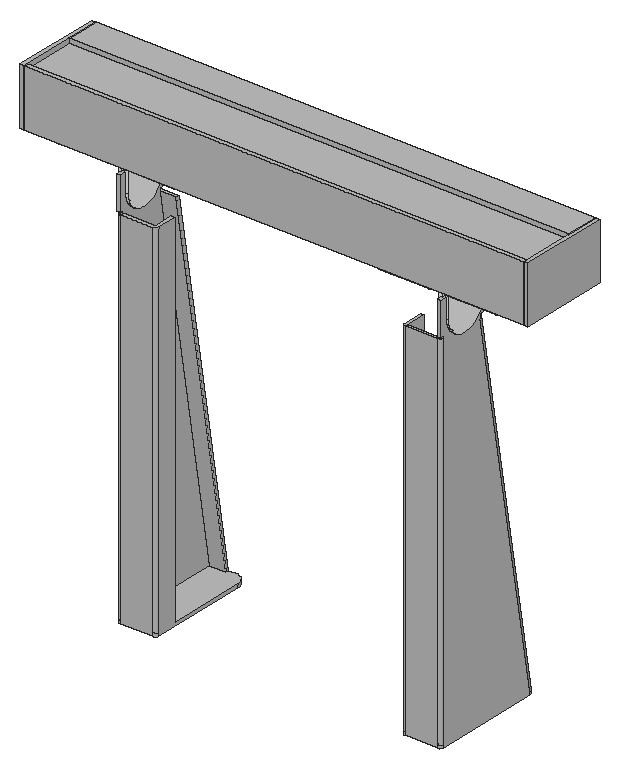
Revit family "4070743+4070747+4070772 Feilo Sylvania Lighting Fixtures CURSUS 306MM 183LM WIDE LED 3K with SINGLE WALL HOUSING with 250MM WALL BRACKET", category Lighting Fixtures, host Face, Revit 2017
Family settings
  Host = Face
  Round Connector Dimension = Use Diameter
  Part Type = Normal
  OmniClass Number = 23.80.70.14
  OmniClass Title = Luminaries for External Lighting
  Cut with Voids When Loaded = Yes
  Light Source = No
  Shared = No
  Room Calculation Point = No
Parameters (values of type "4070743 CURSUS 306MM 183LM WIDE LED 3K")
  Weight = "0.6 kg"
  Wattage Comments = "n/a"
  WarrantyStartDate [instance] = "n/a"
  WarrantyGuarantorParts = "n/a"
  WarrantyDurationUnit = "n/a"
  WarrantyDurationParts = "n/a"
  WarrantyDescription = "n/a"
  Voltage = 24 V
  URL = "http://www.sylvania-lighting.com"
  TypeName = "CURSUS 306MM 183LM WIDE LED 3K"
  TypeFixture_FEILO = CURSUS with SINGLE WALL HOUSING : CURSUS 306MM 183LM WIDE LED 3K
  Type Image = <None>
  Type Comments = "n/a"
  TiltAngle [instance] = 0.00°
  StartAngle [instance] = TiltAngle + 270.00°  # 270.00°
  SerialNumber [instance] = "n/a"
  ReflectorMaterial = none
  PowerFactor = 0
  PowerConsumption = "4.5 W"
  NominalLength = 306 mm
  NominalHeight = 50 mm
  NominalDepth = 30 mm
  Name = "CURSUS 306MM 183LM WIDE LED 3K"
  ModelReference = Name  # "CURSUS 306MM 183LM WIDE LED 3K"
  ModelNumber = "4070743"
  Model = Name  # "CURSUS 306MM 183LM WIDE LED 3K"
  Material = "natural anodised extruded aluminium structure housing"
  ManufacturerName = "Feilo Sylvania"
  Manufacturer = "Feilo Sylvania"
  LuminousEfficacy = "40.66 lm/W"
  LuminaireType = ""
  LightOutputRatio = "100"
  LampsType = Lamp  # "LED"
  LampNominalLuminous = "183 lm"
  LampMacAdamStep = "n/a"
  LampColourTemperature = "3000 K"
  LampColourRenderingIndex = "80"
  Lamp = "LED"
  Keynote = "16500"
  InstallationDate [instance] = "n/a"
  InputVoltage = "24V DC"
  InputNominalFrequency = "n/a"
  IngressProtection = "IP67"
  ImpactProtectionIndex = "IK07"
  IfcExportType = "IfcLightFixtureType"
  IfcExportAs = "IfcLightFixtureType"
  ExpectedLife = 50000
  EndAngle [instance] = StartAngle - 180.00°  # 90.00°
  ElectricShockClassification = "Class III"
  DurationUnit = "hours"
  DocumentationLiterature = "http://www.sylvania-lighting.com/product/en-int/products/4070743"
  DimmingControlOptions = "n/a"
  DiffuserMaterial = Diffuser-Sylvania-Glow
  Description = "LED Exterior Lighting Recessed Surface Mounted Linear Fixture, Natural anodised extruded aluminium structure. Die-cast aluminium end caps. Installation kit with harmonic steel springs., 183 lm, 4,5W, 40lm/W, 3000K, CRI80+,non dimmable,IP67, IK07, (HxWxD) 306x50x30mm, 3 step Mac Adam Ellipse, 0.6kg,, Classe III, 21-25V-DC, energy class : A++, A+, A"
  Default Elevation = 1219.2 mm
  CreatedOn = "1/8/2018"
  CreatedBy = ""
  Cost = 0
  built-in parameter 1114216 [instance] = (empty or 0)
  ClassificationValue = "EF_70_80"
  ClassificationName = "Uniclass2015"
  BracketWidth = 24 mm
  BracketThickness = 2 mm
  BracketHeightEnd = 32 mm
  BracketHeight = 70 mm
  BracketFlange = BracketHeight / 5  # 14 mm
  BracketExtension = 250 mm
  BracketEndReduction = 25 mm
  BracketC = 22 mm  # constant formula
  BracketDistance = 175 mm
  BracketD = BracketHeightEnd - (BracketC * (BracketHeight - BracketHeightEnd) / (BracketExtension - BracketEndReduction))  # 28.284 mm
  BodyMaterial = Body-Sylvania-Gray
  BarCode [instance] = "n/a"
  AssetType = "Fixed"
  AssetIdentifier [instance] = "n/a"
  Assembly Code = "D5020200"
  Apparent Load = 4.5 VA
  AccessoryMaterial = Diffuser-Sylvania-Glow
Reference planes
  plane 1 "Center (Front/Back)": y = 0
  plane 2: z = 0
  plane 3 "Center (Left/Right)": x = 0
  plane 4: x = -99.5
  plane 5: x = 99.5
  plane 6: y = 70
  plane 7: x = -75.5
  plane 8: x = 75.5
  plane 9: z = 250
  plane 10: z = 236
  plane 11: z = 2
  plane 12: z = 225
  plane 13: x = -97.5
  plane 14: y = 68
  plane 15: y = 2
  plane 16: x = -77.5
  plane 17: x = 77.5
  plane 18: x = 97.5
  plane 19: x = -87.5
  plane 20: x = 87.5
  plane 21: y = 14
  plane 22: y = 32
  plane 23: y = 30
  plane 24: z = 247
  plane 25: y = 28.284
  plane 26: y = 16
Forms (mm)
  Blend 1, solid, material "Body-Sylvania-Gray" <- "BodyMaterial"
    base sketch origin (1223.4, -4572, 2) x (0, -1, 0) y (1, 0, 0)
      loop
        line (-4640, -1310.9) -> (-4642, -1310.9) -> (-4642, -1320.9)
        arc (-4642, -1320.9) -> (-4641.414, -1322.314) -> (-4640, -1322.9) r 2
        line (-4640, -1322.9) -> (-4574, -1322.9)
        arc (-4574, -1322.9) -> (-4572.586, -1322.314) -> (-4572, -1320.9) r 2
        line (-4572, -1320.9) -> (-4572, -1300.9)
        arc (-4572, -1300.9) -> (-4572.586, -1299.486) -> (-4574, -1298.9) r 2
        line (-4574, -1298.9) -> (-4586, -1298.9) -> (-4586, -1300.9) -> (-4574, -1300.9) -> (-4574, -1320.9) -> (-4640, -1320.9) -> (-4640, -1310.9)
    top sketch origin (1223.4, -4572, 2) x (0, -1, 0) y (1, 0, 0)
      loop
        line (-4586, -1300.9) -> (-4574, -1300.9) -> (-4574, -1320.9) -> (-4602, -1320.9) -> (-4602, -1310.9) -> (-4604, -1310.9) -> (-4604, -1320.9)
        arc (-4604, -1320.9) -> (-4603.52, -1322.21) -> (-4602.309, -1322.9) r 2.028
        line (-4602.309, -1322.9) -> (-4574, -1322.9)
        arc (-4574, -1322.9) -> (-4572.586, -1322.314) -> (-4572, -1320.9) r 2
        line (-4572, -1320.9) -> (-4572, -1300.9)
        arc (-4572, -1300.9) -> (-4572.586, -1299.486) -> (-4574, -1298.9) r 2
        line (-4574, -1298.9) -> (-4586, -1298.9) -> (-4586, -1300.9)
    from 0 to 223
  Extrusion 2, solid, material "Body-Sylvania-Gray" <- "BodyMaterial"
    sketch origin (0, 0, 0) x (1, 0, 0) y (0, 1, 0)
      loop
        arc (-97.5, 70) -> (-98.914, 69.414) -> (-99.5, 68) r 2
        line (-99.5, 68) -> (-99.5, 2)
        arc (-99.5, 2) -> (-98.914, 0.586) -> (-97.5, 0) r 2
        line (-97.5, 0) -> (-77.5, 0)
        arc (-77.5, 0) -> (-76.086, 0.586) -> (-75.5, 2) r 2
        line (-75.5, 2) -> (-75.5, 62.5)
        arc (-75.5, 62.5) -> (-77.697, 67.803) -> (-83, 70) r 7.5
        line (-83, 70) -> (-97.5, 70)
      loop
        line (97.5, 70) -> (83, 70)
        arc (83, 70) -> (77.697, 67.803) -> (75.5, 62.5) r 7.5
        line (75.5, 62.5) -> (75.5, 2)
        arc (75.5, 2) -> (76.086, 0.586) -> (77.5, 0) r 2
        line (77.5, 0) -> (97.5, 0)
        arc (97.5, 0) -> (98.914, 0.586) -> (99.5, 2) r 2
        line (99.5, 2) -> (99.5, 68)
        arc (99.5, 68) -> (98.914, 69.414) -> (97.5, 70) r 2
    from 0 to 2
  Blend 3, solid, material "Body-Sylvania-Gray" <- "BodyMaterial"
    base sketch origin (1223.4, -4572, 2) x (0, -1, 0) y (1, 0, 0)
      loop
        line (-4640, -1125.9) -> (-4574, -1125.9) -> (-4574, -1145.9) -> (-4586, -1145.9) -> (-4586, -1147.9) -> (-4574, -1147.9)
        arc (-4574, -1147.9) -> (-4572.586, -1147.314) -> (-4572, -1145.9) r 2
        line (-4572, -1145.9) -> (-4572, -1125.9)
        arc (-4572, -1125.9) -> (-4572.586, -1124.486) -> (-4574, -1123.9) r 2
        line (-4574, -1123.9) -> (-4640, -1123.9)
        arc (-4640, -1123.9) -> (-4641.414, -1124.486) -> (-4642, -1125.9) r 2
        line (-4642, -1125.9) -> (-4642, -1135.9) -> (-4640, -1135.9) -> (-4640, -1125.9)
    top sketch origin (1223.4, -4572, 2) x (0, -1, 0) y (1, 0, 0)
      loop
        line (-4602, -1135.9) -> (-4602, -1125.9) -> (-4574, -1125.9) -> (-4574, -1145.9) -> (-4586, -1145.9) -> (-4586, -1147.9) -> (-4574, -1147.9)
        arc (-4574, -1147.9) -> (-4572.586, -1147.314) -> (-4572, -1145.9) r 2
        line (-4572, -1145.9) -> (-4572, -1125.9)
        arc (-4572, -1125.9) -> (-4572.586, -1124.486) -> (-4574, -1123.9) r 2
        line (-4574, -1123.9) -> (-4602, -1123.9)
        arc (-4602, -1123.9) -> (-4603.414, -1124.486) -> (-4604, -1125.9) r 2
        line (-4604, -1125.9) -> (-4604, -1135.9) -> (-4602, -1135.9)
    from 0 to 223
  Blend 4, solid, material "Body-Sylvania-Gray" <- "BodyMaterial"
    base sketch origin (1223.4, -4572, 225) x (0, -1, 0) y (1, 0, 0)
      loop
        line (-4604, -1322.9) -> (-4572, -1322.9) -> (-4572, -1320.9) -> (-4604, -1320.9) -> (-4604, -1322.9)
    top sketch origin (1223.4, -4572, 225) x (0, -1, 0) y (1, 0, 0)
      loop
        line (-4572, -1322.9) -> (-4572, -1320.9) -> (-4600.284, -1320.9) -> (-4600.284, -1322.9) -> (-4572, -1322.9)
    from 0 to 22
  Blend 5, solid, material "Body-Sylvania-Gray" <- "BodyMaterial"
    base sketch origin (1223.4, -4572, 225) x (0, -1, 0) y (1, 0, 0)
      loop
        line (-4604, -1125.9) -> (-4572, -1125.9) -> (-4572, -1123.9) -> (-4604, -1123.9) -> (-4604, -1125.9)
    top sketch origin (1223.4, -4572, 225) x (0, -1, 0) y (1, 0, 0)
      loop
        line (-4572, -1123.9) -> (-4600.284, -1123.9) -> (-4600.284, -1125.9) -> (-4572, -1125.9) -> (-4572, -1123.9)
    from 0 to 22
  Extrusion 6, void
    sketch origin (0, 0, 0) x (0, 1, 0) y (0, 0, 1)
      loop
        line (0, 225) -> (2, 225) -> (2, 226.5) -> (0, 226.5) -> (0, 225)
      loop
        line (32, 225) -> (32, 226.5) -> (30, 226.5) -> (30, 225) -> (32, 225)
    from -99.5 to 99.5
  Revolve 7, solid, not visible
    sketch origin (1524, 16, 1219.2) x (1, 0, 0) y (0, 0, 1)
      loop
        line (-1524, -972.2) -> (-1524, -983.2) -> (-1436.5, -983.2) -> (-1436.5, -972.2) -> (-1524, -972.2)
      axis (-1436.5, -983.2) -> (-1524, -983.2)
    angle from 270 <- "StartAngle" to 90 <- "EndAngle"
Cuts and joins
  Extrusion 6 cuts Blend 4
  Extrusion 6 cuts Blend 5
  joined: Blend 1, Extrusion 2, Blend 3, Blend 4, Blend 5
Lines and regions (mm)
  reference lines, not visible
    curve 1: line (-75.5, 16, 236) -> (75.5, 16, 236)
Dimensions and locks
  equal spacing: plane 4, plane 3 "Center (Left/Right)", plane 5
  "BracketDistance": plane 19 to plane 20
  "BracketHeight": plane 1 "Center (Front/Back)" to plane 6
  equal spacing: plane 7, plane 3 "Center (Left/Right)", plane 8
  "BracketWidth": plane 4 to plane 7
  "BracketExtension": plane 9 to plane 2
  "BracketThickness": plane 11 to plane 2
  "BracketEndReduction": plane 9 to plane 12
  equal spacing: plane 13, plane 3 "Center (Left/Right)", plane 18
  equal spacing: plane 16, plane 3 "Center (Left/Right)", plane 17
  "BracketThickness": plane 4 to plane 13
  "BracketThickness": plane 16 to plane 7
  "BracketThickness": plane 14 to plane 6
  "BracketThickness": plane 1 "Center (Front/Back)" to plane 15
  equal spacing: plane 4, plane 19, plane 7
  equal spacing: plane 8, plane 20, plane 5
  "BracketFlange": plane 1 "Center (Front/Back)" to plane 21
  "BracketHeightEnd": plane 1 "Center (Front/Back)" to plane 22
  "BracketThickness": plane 23 to plane 22
  locked: Extrusion 2 sketch curve to plane 7 at 7.5
  locked: Extrusion 2 sketch curve to plane 6 at 7.5  (x2)
  locked: plane 8 to Extrusion 2 sketch curve at 7.5
  "BracketC": plane 24 to plane 12
  "BracketD": plane 1 "Center (Front/Back)" to plane 25
  locked: plane 12 to Extrusion 6 sketch curve at 1.5
  equal spacing: plane 24, plane 10, plane 12
  equal spacing: plane 1 "Center (Front/Back)", plane 26, plane 22
  aligned and locked: plane 2 to host face
  aligned and locked: level to host face
  aligned and locked: plane 4 to Blend 1 sketch curve  (x2)
  aligned and locked: plane 13 to Blend 1 sketch curve  (x3)
  aligned and locked: Blend 1 sketch curve to plane 15
  aligned and locked: Blend 1 sketch curve to plane 16
  aligned and locked: Blend 1 sketch curve to plane 21
  aligned and locked: plane 7 to Blend 1 sketch curve
  aligned and locked: plane 16 to Blend 1 sketch curve
  aligned and locked: plane 1 "Center (Front/Back)" to Blend 1 sketch curve
  aligned and locked: plane 14 to Blend 1 sketch curve
  aligned and locked: Blend 1 sketch curve to var sketch  (x6)
  aligned and locked: Blend 1 sketch curve to plane 19
  aligned and locked: Blend 1 sketch curve to plane 22
  aligned and locked: plane 23 to Blend 1 sketch curve
  aligned and locked: plane 11 to Blend 1
  aligned and locked: Extrusion 2 sketch curve to Blend 1  (x3)
  aligned and locked: Extrusion 2 to level
  aligned and locked: Extrusion 2 to plane 11
  aligned and locked: Extrusion 2 sketch curve to plane 7
  aligned and locked: plane 18 to Blend 3 sketch curve  (x4)
  aligned and locked: plane 14 to Blend 3 sketch curve  (x2)
  aligned and locked: Blend 3 sketch curve to plane 20
  aligned and locked: Blend 3 sketch curve to plane 6
  aligned and locked: plane 5 to Blend 3 sketch curve
  aligned and locked: plane 1 "Center (Front/Back)" to Blend 3 sketch curve
  aligned and locked: plane 15 to Blend 3 sketch curve  (x2)
  aligned and locked: Blend 3 sketch curve to plane 8
  aligned and locked: Blend 3 sketch curve to plane 21
  aligned and locked: plane 17 to Blend 3 sketch curve
  aligned and locked: Blend 3 sketch curve to plane 18
  aligned and locked: plane 20 to Blend 3 sketch curve  (x2)
  aligned and locked: Blend 3 sketch curve to plane 23
  aligned and locked: Blend 3 sketch curve to var sketch  (x8)
  aligned and locked: var sketch to Blend 3 sketch curve
  aligned and locked: plane 22 to Blend 3 sketch curve
  aligned and locked: plane 11 to Blend 3
  aligned and locked: Extrusion 2 sketch curve to Blend 3  (x4)
  aligned and locked: Blend 1 to plane 12
  aligned and locked: Blend 3 to plane 12
  aligned and locked: Blend 4 sketch curve to plane 22
  aligned and locked: Blend 4 sketch curve to cut or joined group of Blend 1, Extrusion 2, Blend 3, Blend 4, Blend 5, Extrusion 6  (x2)
  aligned and locked: cut or joined group of Blend 1, Extrusion 2, Blend 3, Blend 4, Blend 5, Extrusion 6 to Blend 4 sketch curve
  aligned and locked: Blend 4 sketch curve to var sketch  (x2)
  aligned and locked: Blend 4 sketch curve to plane 13
  aligned and locked: Blend 4 to plane 24
  aligned and locked: Blend 4 sketch curve to plane 25
  aligned and locked: Blend 5 sketch curve to plane 18  (x2)
  aligned and locked: plane 1 "Center (Front/Back)" to Blend 5 sketch curve
  aligned and locked: plane 5 to Blend 5 sketch curve
  aligned and locked: plane 22 to Blend 5 sketch curve
  aligned and locked: Blend 5 sketch curve to var sketch
  aligned and locked: var sketch to Blend 5 sketch curve
  aligned and locked: Blend 5 sketch curve to plane 25
  aligned and locked: Blend 5 to plane 24
  aligned and locked: plane 12 to Blend 5
  aligned and locked: Extrusion 6 sketch curve to cut or joined group of Blend 1, Extrusion 2, Blend 3, Blend 4, Blend 5, Extrusion 6  (x2)
  aligned and locked: Extrusion 6 sketch curve to Extrusion 6 sketch curve
  aligned and locked: Extrusion 6 sketch curve to plane 15
  aligned and locked: plane 5 to Extrusion 6
  aligned and locked: Extrusion 6 to plane 4
  aligned and locked: Extrusion 6 sketch curve to plane 23
  aligned and locked: Revolve 7 sketch curve to plane 10  (x2)
  aligned and locked: plane 24 to Revolve 7 sketch curve
  aligned and locked: plane 3 "Center (Left/Right)" to Revolve 7 sketch curve
  aligned and locked: Revolve 7 sketch curve to plane 20
  aligned and locked: plane 7 to curve 1
  aligned and locked: plane 10 to curve 1
  aligned and locked: nested 1 to plane 5
  aligned and locked: nested 2 to plane 4
  aligned and locked: nested 1 to curve 1
  aligned and locked: nested 2 to curve 1
  aligned and locked: nested 1 to nested 3
  aligned and locked: nested 3 to plane 3 "Center (Left/Right)"
Automatic sketch dimensions
  host sketch curve to host sketch curve = 2438.4 mm  (x2)
  Blend 1 sketch curve to plane 13 = 0 mm
  plane 15 to Blend 1 sketch curve = 0 mm  (x3)
  Blend 1 sketch curve to plane 23 = 0.309 mm
  plane 6 to Blend 1 sketch curve = 0 mm
  plane 14 to Blend 1 sketch curve = 0 mm
  Blend 1 sketch curve to plane 19 = 0 mm
  Blend 3 sketch curve to plane 17 = 0 mm
  Extrusion 6 sketch curve to plane 1 "Center (Front/Back)" = 0 mm
  plane 12 to Extrusion 6 sketch curve = 0 mm
  Revolve 7 sketch curve to plane 4 = 1153 mm
  plane 5 to Revolve 7 sketch curve = 1161.4 mm
  curve 1 to plane 8 = 0 mm
Nested families
  nested 1: "MountingPlate" at (98.5, 16, 236) x (-1, 0, 0) z (0, 0, 1), type "MountingPlate"
  nested 2: "MountingPlate" at (-98.5, 16, 236) x (-1, 0, 0) z (0, 0, 1), type "MountingPlate"
  nested 3: "CURSUS with SINGLE WALL HOUSING" at (0, -4, 254) x (-1, 0, 0) z (0, 0, 1), type <- "TypeFixture_FEILO", type "CURSUS 306MM 183LM WIDE LED 3K"
    with WarrantyStartDate "n/a", SerialNumber "n/a", InstallationDate "n/a", EndCapRight yes, EndCapLeft yes, built-in parameter 1114216 (empty or 0), BarCode "n/a", AssetIdentifier "n/a"
Connectors
  electrical at (0, 0, 0), driven by "Voltage", driven by "Apparent Load", driven by "PowerFactor"
    settings: index 1, voltage 24 V, apparent load 4.5 VA, apparent load phase1 0 VA, apparent load phase2 0 VA, apparent load phase3 0 VA, power factor 0, load classification "Other", number of poles 1, system type 30, power factor state 1, is connector primary yes, connector utility no, sub classification motor no, connector description ""
Definition of nested family "MountingPlate"
  Parameters (values of type "MountingPlate")
    URL = "http://www.feilosylvania.com"
    Type Comments = "n/a"
    ReflectorMaterial = none
    MountingPlateWidth = 76 mm
    MountingPlateThickness = 2 mm
    MountingPlateRadiusBack = 12 mm
    MountingPlateRadius = 3 mm
    MountingPlateHeight = 35 mm
    Model = "n/a"
    Manufacturer = "Feilo Sylvania"
    Keynote = "n/a"
    DiffuserMaterial = none
    Description = "n/a"
    Default Elevation = 1219.2 mm
    Cost = 0
    BodyMaterial = none
    Assembly Code = "n/a"
    AccessoryMaterial = none
  Reference planes
    plane 1 "Center (Front/Back)": y = 0
    plane 2: z = 0
    plane 3 "Center (Left/Right)": x = 0
    plane 4: x = -38
    plane 5: x = 38
    plane 6: y = 17.5
    plane 7: y = -17.5
    plane 8: x = -3
    plane 9: x = 3
    plane 10: z = 18
    plane 11: z = 16
    plane 12: y = 12.5
    plane 13: y = -12.5
    plane 14: x = -1
    plane 15: x = 1
    plane 16: z = -12.5
    plane 17: z = -14.5
  Forms (mm)
    Extrusion 1, solid
      sketch origin (1.653, 0, 0) x (1, 0, 0) y (0, 1, 0)
        loop
          line (-1219.2, 1219.2) -> (-1219.2, -1219.2) -> (1219.2, -1219.2) -> (1219.2, 1219.2) -> (-1219.2, 1219.2)
      from 0 to -304.8
    Extrusion 2, solid, material <- "BodyMaterial"
      sketch origin (1218.4, -4572, 16) x (0, -1, 0) y (-1, 0, 0)
        loop
          line (-4589.5, 1253.4) -> (-4589.5, 1224.4)
          arc (-4589.5, 1224.4) -> (-4588.621, 1222.279) -> (-4586.5, 1221.4) r 3
          line (-4586.5, 1221.4) -> (-4557.5, 1221.4)
          arc (-4557.5, 1221.4) -> (-4555.379, 1222.279) -> (-4554.5, 1224.4) r 3
          line (-4554.5, 1224.4) -> (-4554.5, 1253.4)
          arc (-4554.5, 1253.4) -> (-4555.379, 1255.521) -> (-4557.5, 1256.4) r 3
          line (-4557.5, 1256.4) -> (-4586.5, 1256.4)
          arc (-4586.5, 1256.4) -> (-4588.621, 1255.521) -> (-4589.5, 1253.4) r 3
        loop
          arc (-4589.5, 1183.4) -> (-4588.621, 1181.279) -> (-4586.5, 1180.4) r 3
          line (-4586.5, 1180.4) -> (-4557.5, 1180.4)
          arc (-4557.5, 1180.4) -> (-4555.379, 1181.279) -> (-4554.5, 1183.4) r 3
          line (-4554.5, 1183.4) -> (-4554.5, 1212.4)
          arc (-4554.5, 1212.4) -> (-4555.379, 1214.521) -> (-4557.5, 1215.4) r 3
          line (-4557.5, 1215.4) -> (-4586.5, 1215.4)
          arc (-4586.5, 1215.4) -> (-4588.621, 1214.521) -> (-4589.5, 1212.4) r 3
          line (-4589.5, 1212.4) -> (-4589.5, 1183.4)
      from 0 to -2
    Extrusion 3, solid, material <- "BodyMaterial"
      sketch origin (0, 0, 0) x (1, 0, 0) y (0, 0, 1)
        loop
          line (-3, 18) -> (-3, -12.5) -> (-1, -12.5) -> (-1, 16)
          arc (-1, 16) -> (-1.586, 17.414) -> (-3, 18) r 2
        loop
          line (3, -12.5) -> (3, 18)
          arc (3, 18) -> (1.586, 17.414) -> (1, 16) r 2
          line (1, 16) -> (1, -12.5) -> (3, -12.5)
      from -12.5 to 12.5
    Extrusion 4, void
      sketch origin (0, 0, 0) x (0, 1, 0) y (0, 0, 1)
        loop
          line (-12.5, -0.5) -> (-17.5, -0.5) -> (-17.5, -14.5) -> (-0.5, -14.5) -> (-0.5, -12.5)
          arc (-0.5, -12.5) -> (-8.985, -8.985) -> (-12.5, -0.5) r 12
        loop
          line (0.5, -12.5) -> (0.5, -14.5) -> (17.5, -14.5) -> (17.5, -0.5) -> (12.5, -0.5)
          arc (12.5, -0.5) -> (8.985, -8.985) -> (0.5, -12.5) r 12
      from -3 to 3
  Cuts and joins
    Extrusion 4 cuts Extrusion 2
    Extrusion 4 cuts Extrusion 3
    joined: Extrusion 2, Extrusion 3
  Lines and regions (mm)
    reference lines
      curve 1: line (-38, 0, 0) -> (38, 0, 0)
  Dimensions and locks
    equal spacing: plane 4, plane 3 "Center (Left/Right)", plane 5
    "MountingPlateWidth": plane 4 to plane 5
    equal spacing: plane 7, plane 1 "Center (Front/Back)", plane 6
    "MountingPlateHeight": plane 7 to plane 6
    equal spacing: plane 8, plane 3 "Center (Left/Right)", plane 9
    "MountingPlateHeight": plane 4 to plane 8
    locked: plane 10 to plane 2 at 18
    "MountingPlateThickness": plane 10 to plane 11
    equal spacing: plane 13, plane 1 "Center (Front/Back)", plane 12
    locked: plane 13 to plane 12 at 25
    "MountingPlateRadius": plane 4 to Extrusion 2 sketch curve  (x2)
    "MountingPlateRadius": Extrusion 2 sketch curve to plane 6  (x4)
    "MountingPlateRadius": Extrusion 2 sketch curve to plane 8  (x2)
    "MountingPlateRadius": plane 7 to Extrusion 2 sketch curve  (x4)
    "MountingPlateRadius": plane 9 to Extrusion 2 sketch curve  (x2)
    "MountingPlateRadius": Extrusion 2 sketch curve to plane 5  (x2)
    equal spacing: plane 15, plane 3 "Center (Left/Right)", plane 14
    "MountingPlateThickness": plane 14 to plane 8
    locked: plane 2 to plane 16 at 12.5
    locked: plane 17 to plane 16 at 2
    "MountingPlateRadiusBack": plane 13 to Extrusion 4 sketch curve
    "MountingPlateRadiusBack": plane 16 to Extrusion 4 sketch curve  (x2)
    "MountingPlateRadiusBack": Extrusion 4 sketch curve to plane 12
    aligned and locked: plane 2 to Extrusion 1
    aligned and locked: level to Extrusion 1
    aligned and locked: Extrusion 2 sketch curve to plane 6
    aligned and locked: Extrusion 2 sketch curve to plane 4
    aligned and locked: plane 7 to Extrusion 2 sketch curve
    aligned and locked: plane 8 to Extrusion 2 sketch curve
    aligned and locked: plane 6 to Extrusion 2 sketch curve
    aligned and locked: Extrusion 2 sketch curve to plane 5
    aligned and locked: Extrusion 2 sketch curve to plane 7
    aligned and locked: plane 9 to Extrusion 2 sketch curve
    aligned and locked: Extrusion 2 to plane 10
    aligned and locked: plane 11 to Extrusion 2
    aligned and locked: Extrusion 3 sketch curve to Extrusion 2  (x2)
    aligned and locked: plane 16 to Extrusion 3 sketch curve  (x2)
    aligned and locked: plane 14 to Extrusion 3 sketch curve
    aligned and locked: plane 9 to Extrusion 3 sketch curve
    aligned and locked: plane 15 to Extrusion 3 sketch curve
    aligned and locked: Extrusion 3 to plane 12
    aligned and locked: plane 13 to Extrusion 3
    aligned and locked: plane 17 to Extrusion 4 sketch curve  (x2)
    aligned and locked: Extrusion 4 sketch curve to plane 7
    aligned and locked: Extrusion 4 sketch curve to plane 6
    aligned and locked: plane 9 to Extrusion 4
    aligned and locked: Extrusion 4 to plane 8
    aligned and locked: plane 4 to curve 1
    aligned and locked: curve 1 to level
  Automatic sketch dimensions
    Extrusion 1 sketch curve to Extrusion 1 sketch curve = 2438.4 mm  (x2)
    Extrusion 3 sketch curve to plane 11 = 0 mm
    curve 1 to plane 5 = 0 mm
    Extrusion 4 sketch curve to plane 13 = 0 mm
    Extrusion 4 sketch curve to plane 12 = 0 mm
Definition of nested family "CURSUS with SINGLE WALL HOUSING"
  Parameters (values of type "CURSUS 1161MM 827LM OVAL LED 3K")
    Width_FEILO = 35 mm
    Weight = "2.2 kg"
    Wattage Comments = "n/a"
    Wattage = 18 W
    WarrantyStartDate [instance] = "n/a"
    WarrantyGuarantorParts = "n/a"
    WarrantyDurationUnit = "n/a"
    WarrantyDurationParts = "n/a"
    WarrantyDescription = "n/a"
    WallThickness_FEILO = 2.5 mm
    built-in parameter 1150110 = 1 (stored number, unit not read)
    Voltage = 24 V
    URL = "http://www.feilosylvania.com"
    TypeName = "CURSUS 1161MM 827LM OVAL LED 3K"
    Type Image = (empty or 0)
    Type Comments = "n/a"
    built-in parameter 1114217 = 1 (stored number, unit not read)
    Tilt Angle = -90.00°
    built-in parameter 1150109 = 1 (stored number, unit not read)
    built-in parameter 1150134 = (empty or 0)
    built-in parameter 1150113 = 1 (stored number, unit not read)
    SerialNumber [instance] = "n/a"
    ReflectorMaterial = none
    PowerFactor = 0
    PowerConsumption = "18 W"
    Photometric Web File = "4070765.ies"
    NominalLength = 1161 mm
    NominalHeight = 50 mm
    NominalDepth = 30 mm
    Name = "CURSUS 1161MM 827LM OVAL LED 3K"
    ModelReference = Name  # "CURSUS 1161MM 827LM OVAL LED 3K"
    ModelNumber = ""
    Model = Name  # "CURSUS 1161MM 827LM OVAL LED 3K"
    Material = "natural anodised extruded aluminium structure housing, optical system with pmma lenses diffuser"
    ManufacturerName = "Feilo Sylvania"
    Manufacturer = "Feilo Sylvania"
    LuminousEfficacy = "45.94 lm/W"
    built-in parameter 1150105 = 1166.5 (stored number, unit not read)
    Lumens = 827 lm
    LuminaireType = ""
    built-in parameter 1150115 = 1 (stored number, unit not read)
    LightOutputRatio = "100"
    built-in parameter 1150137 = (empty or 0)
    built-in parameter 1150139 = (empty or 0)
    Length_FEILO = 1167 mm
    LampsType = Lamp  # "LED"
    LampNominalLuminous = "827 lm"
    LampMacAdamStep = "n/a"
    LampColourTemperature = "3000 K"
    LampColourRenderingIndex = "80"
    built-in parameter 1150112 = 1 (stored number, unit not read)
    built-in parameter 1150114 = 1 (stored number, unit not read)
    Lamp = "LED"
    Keynote = "16500"
    InstallationDate [instance] = "n/a"
    InputVoltage = "24V DC"
    InputNominalFrequency = "n/a"
    built-in parameter 1150132 = (empty or 0)
    built-in parameter 1150102 = (empty or 0)
    built-in parameter 1150107 = 3000 (stored number, unit not read)
    built-in parameter 1150138 = (empty or 0)
    IngressProtection = "IP67"
    ImpactProtectionIndex = "IK07"
    built-in parameter 1150106 = 11.665 (stored number, unit not read)
    IfcExportType = "IfcLightFixtureType"
    IfcExportAs = "IfcLightFixtureType"
    ExpectedLife = 50000
    EndCapRight [instance] = yes
    EndCapLeft [instance] = yes
    Emit from Rectangle Width = Width_FEILO - WallThickness_FEILO * 2  # 30 mm
    Emit from Rectangle Length = Length_FEILO - WallThickness_FEILO * 2  # 1162 mm
    Emit Shape Visible in Rendering = no
    ElectricShockClassification = "Class III"
    built-in parameter 1150104 = 4.2684 (stored number, unit not read)
    DurationUnit = "hours"
    DocumentationLiterature = "http://www.feilosylvania.com/product/en-int/products/4070765"
    DimmingControlOptions = "n/a"
    Dimming Lamp Color Temperature Shift = (empty or 0)
    DiffuserMaterial = none
    Description = "LED Exterior Lighting Recessed Surface Mounted Linear Fixture, Natural anodised extruded aluminium structure. Die-cast aluminium end caps. Installation kit with harmonic steel springs., 827 lm, 18W, 45lm/W, 3000K, CRI80+,non dimmable,IP67, IK07, (HxWxD) 1161x50x30mm, 3 step Mac Adam Ellipse, 2.2kg,, Classe III, 21-25V-DC, energy class : A++, A+, A"
    Default Elevation = 1219.2 mm
    CreatedOn = "1/8/2018"
    CreatedBy = "aron.fodor@feilosylvania.com"
    Cost = 0
    Color Filter = 16777215
    built-in parameter 1114216 [instance] = (empty or 0)
    ClassificationValue = "EF_70_80"
    ClassificationName = "Uniclass2015"
    BodyMaterial = none
    BarCode [instance] = "n/a"
    built-in parameter 1114218 = 1 (stored number, unit not read)
    built-in parameter 1150133 = 10 (stored number, unit not read)
    AssetType = "Fixed"
    AssetIdentifier [instance] = "n/a"
    Assembly Code = "D5020200"
    Apparent Load = 18 VA
    AccessoryMaterial = none
  Types (16, lengths in mm): name | Weight | Wattage | Voltage | TypeName | built-in parameter 1150134 | PowerConsumption | Photometric Web File | NominalLength | Name | ModelReference | Model | Material | LuminousEfficacy | built-in parameter 1150105 | Lumens | Length_FEILO | LampNominalLuminous | LampColourTemperature | InputVoltage | InputNominalFrequency | built-in parameter 1150107 | built-in parameter 1150106 | Emit from Rectangle Length | built-in parameter 1150104 | DocumentationLiterature | Description | Apparent Load
    CURSUS 1161MM 827LM OVAL LED 3K | "2.2 kg" | 18 W | 24 V | "CURSUS 1161MM 827LM OVAL LED 3K" | (empty or 0) | "18 W" | "4070765.ies" | 1161 | "CURSUS 1161MM 827LM OVAL LED 3K" | "CURSUS 1161MM 827LM OVAL LED 3K" | "CURSUS 1161MM 827LM OVAL LED 3K" | "natural anodised extruded aluminium structure housing, optical system with pmma lenses diffuser" | "45.94 lm/W" | 1166.5 (stored number, unit not read) | 827 lm | 1167 | "827 lm" | "3000 K" | "24V DC" | "n/a" | 3000 (stored number, unit not read) | 11.665 (stored number, unit not read) | 1162 | 4.2684 (stored number, unit not read) | "http://www.feilosylvania.com/product/en-int/products/4070765" | "LED Exterior Lighting Recessed Surface Mounted Linear Fixture, Natural anodised extruded aluminium structure. Die-cast aluminium end caps. Installation kit with harmonic steel springs., 827 lm, 18W, 45lm/W, 3000K, CRI80+,non dimmable,IP67, IK07, (HxWxD) 1161x50x30mm, 3 step Mac Adam Ellipse, 2.2kg,, Classe III, 21-25V-DC, energy class : A++, A+, A" | 18 VA
    CURSUS 1161MM 731LM WIDE LED 3K | "2.2 kg" | 18 W | 230 V | "CURSUS 1161MM 731LM WIDE LED 3K" | (empty or 0) | "18 W" | "4070764.ies" | 1161 | "CURSUS 1161MM 731LM WIDE LED 3K" | "CURSUS 1161MM 731LM WIDE LED 3K" | "CURSUS 1161MM 731LM WIDE LED 3K" | "natural anodised extruded aluminium structure housing" | "40.61 lm/W" | 403.47 (stored number, unit not read) | 731 lm | 1167 | "731 lm" | "3000 K" | "220-240V~" | "n/a" | 3000 (stored number, unit not read) | 4.0347 (stored number, unit not read) | 1162 | 3.7729 (stored number, unit not read) | "http://www.feilosylvania.com/product/en-int/products/4070764" | "LED Exterior Lighting Recessed Surface Mounted Linear Fixture, Natural anodised extruded aluminium structure. Die-cast aluminium end caps. Installation kit with harmonic steel springs., 731 lm, 18W, 40lm/W, 3000K, CRI80+,non dimmable,IP67, IK07, (HxWxD) 1161x50x30mm, 3 step Mac Adam Ellipse, 2.2kg,, Classe III, 21-25V-DC, energy class : A++, A+, A" | 18 VA
    CURSUS 1161MM 871LM OVAL LED 4K | "2.2 kg" | 18 W | 24 V | "CURSUS 1161MM 871LM OVAL LED 4K" | 12 | "18 W" | "4070763.ies" | 1161 | "CURSUS 1161MM 871LM OVAL LED 4K" | "CURSUS 1161MM 871LM OVAL LED 4K" | "CURSUS 1161MM 871LM OVAL LED 4K" | "natural anodised extruded aluminium structure housing, optical system with pmma lenses diffuser" | "48.38 lm/W" | 1192.8 (stored number, unit not read) | 871 lm | 1167 | "871 lm" | "4000 K" | "24V DC" | "50/60 Hz" | 4000 (stored number, unit not read) | 11.928 (stored number, unit not read) | 1162 | 4.4955 (stored number, unit not read) | "http://www.feilosylvania.com/product/en-int/products/4070763" | "LED Exterior Lighting Recessed Surface Mounted Linear Fixture, Natural anodised extruded aluminium structure. Die-cast aluminium end caps. Installation kit with harmonic steel springs., 871 lm, 18W,  48lm/W, 4000K, CRI80+,non dimmable,IP67, IK07, (HxWxD) 1161x50x30mm, 3 step Mac Adam Ellipse, 2.2kg,, Classe III, 21-25V-DC, energy class : A++, A+, A" | 18 VA
    CURSUS 1161MM 770LM WIDE LED 4K | "2.2 kg" | 18 W | 230 V | "CURSUS 1161MM 770LM WIDE LED 4K" | 12 | "18 W" | "4070762.ies" | 1161 | "CURSUS 1161MM 770LM WIDE LED 4K" | "CURSUS 1161MM 770LM WIDE LED 4K" | "CURSUS 1161MM 770LM WIDE LED 4K" | "natural anodised extruded aluminium structure housing" | "42.77 lm/W" | 424.94 (stored number, unit not read) | 770 lm | 1167 | "770 lm" | "4000 K" | "220-240V~" | "n/a" | 4000 (stored number, unit not read) | 4.2494 (stored number, unit not read) | 1162 | 3.9742 (stored number, unit not read) | "http://www.feilosylvania.com/product/en-int/products/4070762" | "LED Exterior Lighting Recessed Surface Mounted Linear Fixture, Natural anodised extruded aluminium structure. Die-cast aluminium end caps. Installation kit with harmonic steel springs., 770 lm, 18W,  42lm/W, 4000K, CRI80+,non dimmable,IP67, IK07, (HxWxD) 1161x50x30mm, 3 step Mac Adam Ellipse, 2.2kg,, Classe III, 21-25V-DC, energy class : A++, A+, A" | 18 VA
    CURSUS 876MM 620LM OVAL LED 3K | "1.7 kg" | 13.5 W | 24 V | "CURSUS 876MM 620LM OVAL LED 3K" | (empty or 0) | "13.5 W" | "4070758.ies" | 876 | "CURSUS 876MM 620LM OVAL LED 3K" | "CURSUS 876MM 620LM OVAL LED 3K" | "CURSUS 876MM 620LM OVAL LED 3K" | "natural anodised extruded aluminium structure housing, optical system with pmma lenses diffuser" | "45.92 lm/W" | 874.55 (stored number, unit not read) | 620 lm | 882 | "620 lm" | "3000 K" | "24V DC" | "50/60 Hz" | 3000 (stored number, unit not read) | 8.7455 (stored number, unit not read) | 877 | 4.2667 (stored number, unit not read) | "http://www.feilosylvania.com/product/en-int/products/4070758" | "LED Exterior Lighting Recessed Surface Mounted Linear Fixture, Natural anodised extruded aluminium structure. Die-cast aluminium end caps. Installation kit with harmonic steel springs., 620 lm, 13,5W, 45lm/W, 3000K, CRI80+,non dimmable,IP67, IK07, (HxWxD) 876x50x30mm, 3 step Mac Adam Ellipse, 1.7kg,, Classe III, 21-25V-DC, energy class : A++, A+, A" | 13.5 VA
    CURSUS 876MM 548LM WIDE LED 3K | "1.7 kg" | 13.5 W | 24 V | "CURSUS 876MM 548LM WIDE LED 3K" | (empty or 0) | "13.5 W" | "4070757.ies" | 876 | "CURSUS 876MM 548LM WIDE LED 3K" | "CURSUS 876MM 548LM WIDE LED 3K" | "CURSUS 876MM 548LM WIDE LED 3K" | "natural anodised extruded aluminium structure housing" | "40.59 lm/W" | 302.47 (stored number, unit not read) | 548 lm | 882 | "548 lm" | "3000 K" | "24V DC" | "n/a" | 3000 (stored number, unit not read) | 3.0247 (stored number, unit not read) | 877 | 3.7712 (stored number, unit not read) | "http://www.feilosylvania.com/product/en-int/products/4070757" | "LED Exterior Lighting Recessed Surface Mounted Linear Fixture, Natural anodised extruded aluminium structure. Die-cast aluminium end caps. Installation kit with harmonic steel springs., 548 lm, 13,5W, 40lm/W, 3000K, CRI80+,non dimmable,IP67, IK07, (HxWxD) 876x50x30mm, 3 step Mac Adam Ellipse, 1.7kg,, Classe III, 21-25V-DC, energy class : A++, A+, A" | 13.5 VA
    CURSUS 876MM 653LM OVAL LED 4K | "1.7 kg" | 13.5 W | 24 V | "CURSUS 876MM 653LM OVAL LED 4K" | 12 | "13.5 W" | "4070756.ies" | 876 | "CURSUS 876MM 653LM OVAL LED 4K" | "CURSUS 876MM 653LM OVAL LED 4K" | "CURSUS 876MM 653LM OVAL LED 4K" | "natural anodised extruded aluminium structure housing, optical system with pmma lenses diffuser" | "48.37 lm/W" | 894.28 (stored number, unit not read) | 653 lm | 882 | "653 lm" | "4000 K" | "24V DC" | "n/a" | 4000 (stored number, unit not read) | 8.9428 (stored number, unit not read) | 877 | 4.4938 (stored number, unit not read) | "http://www.feilosylvania.com/product/en-int/products/4070756" | "LED Exterior Lighting Recessed Surface Mounted Linear Fixture, Natural anodised extruded aluminium structure. Die-cast aluminium end caps. Installation kit with harmonic steel springs., 653 lm, 13,5W,  48lm/W, 4000K, CRI80+,non dimmable,IP67, IK07, (HxWxD) 876x50x30mm, 3 step Mac Adam Ellipse, 1.7kg,, Classe III, 21-25V-DC, energy class : A++, A+, A" | 13.5 VA
    CURSUS 876MM 577LM WIDE LED 4K | "1.7 kg" | 13.5 W | 24 V | "CURSUS 876MM 577LM WIDE LED 4K" | 12 | "13.5 W" | "4070755.ies" | 876 | "CURSUS 876MM 577LM WIDE LED 4K" | "CURSUS 876MM 577LM WIDE LED 4K" | "CURSUS 876MM 577LM WIDE LED 4K" | "natural anodised extruded aluminium structure housing" | "42.74 lm/W" | 318.43 (stored number, unit not read) | 577 lm | 882 | "577 lm" | "4000 K" | "24V DC" | "n/a" | 4000 (stored number, unit not read) | 3.1843 (stored number, unit not read) | 877 | 3.9707 (stored number, unit not read) | "http://www.feilosylvania.com/product/en-int/products/4070755" | "LED Exterior Lighting Recessed Surface Mounted Linear Fixture, Natural anodised extruded aluminium structure. Die-cast aluminium end caps. Installation kit with harmonic steel springs., 577 lm, 13,5W,  42lm/W, 4000K, CRI80+,non dimmable,IP67, IK07, (HxWxD) 876x50x30mm, 3 step Mac Adam Ellipse, 1.7kg,, Classe III, 21-25V-DC, energy class : A++, A+, A" | 13.5 VA
    CURSUS 591MM 414LM OVAL LED 3K | "1.2 kg" | 9 W | 24 V | "CURSUS 591MM 414LM OVAL LED 3K" | (empty or 0) | "9 W" | "4070751.ies" | 591 | "CURSUS 591MM 414LM OVAL LED 3K" | "CURSUS 591MM 414LM OVAL LED 3K" | "CURSUS 591MM 414LM OVAL LED 3K" | "natural anodised extruded aluminium structure housing, optical system with pmma lenses diffuser" | "46 lm/W" | 583.97 (stored number, unit not read) | 414 lm | 597 | "414 lm" | "3000 K" | "24V DC" | "n/a" | 3000 (stored number, unit not read) | 5.8397 (stored number, unit not read) | 592 | 4.2735 (stored number, unit not read) | "http://www.feilosylvania.com/product/en-int/products/4070751" | "LED Exterior Lighting Recessed Surface Mounted Linear Fixture, Natural anodised extruded aluminium structure. Die-cast aluminium end caps. Installation kit with harmonic steel springs., 414 lm, 9W, 46lm/W, 3000K, CRI80+,non dimmable,IP67, IK07, (HxWxD) 591x50x30mm, 3 step Mac Adam Ellipse, 1.2kg,, Classe III, 21-25V-DC, energy class : A++, A+, A" | 9 VA
    CURSUS 591MM 365LM WIDE LED 3K | "1.2 kg" | 9 W | 24 V | "CURSUS 591MM 365LM WIDE LED 3K" | (empty or 0) | "9 W" | "4070750.ies" | 591 | "CURSUS 591MM 365LM WIDE LED 3K" | "CURSUS 591MM 365LM WIDE LED 3K" | "CURSUS 591MM 365LM WIDE LED 3K" | "natural anodised extruded aluminium structure housing" | "40.55 lm/W" | 201.45 (stored number, unit not read) | 365 lm | 597 | "365 lm" | "3000 K" | "24V DC" | "n/a" | 3000 (stored number, unit not read) | 2.0145 (stored number, unit not read) | 592 | 3.7677 (stored number, unit not read) | "http://www.feilosylvania.com/product/en-int/products/4070750" | "LED Exterior Lighting Recessed Surface Mounted Linear Fixture, Natural anodised extruded aluminium structure. Die-cast aluminium end caps. Installation kit with harmonic steel springs., 365 lm, 9W, 40lm/W, 3000K, CRI80+,non dimmable,IP67, IK07, (HxWxD) 591x50x30mm, 3 step Mac Adam Ellipse, 1.2kg,, Classe III, 21-25V-DC, energy class : A++, A+, A" | 9 VA
    CURSUS 591MM 435LM OVAL LED 4K | "1.2 kg" | 9 W | 24 V | "CURSUS 591MM 435LM OVAL LED 4K" | 12 | "9 W" | "4070749.ies" | 591 | "CURSUS 591MM 435LM OVAL LED 4K" | "CURSUS 591MM 435LM OVAL LED 4K" | "CURSUS 591MM 435LM OVAL LED 4K" | "natural anodised extruded aluminium structure housing, optical system with pmma lenses diffuser" | "48.33 lm/W" | 595.73 (stored number, unit not read) | 435 lm | 597 | "435 lm" | "4000 K" | "24V DC" | "n/a" | 4000 (stored number, unit not read) | 5.9573 (stored number, unit not read) | 592 | 4.4903 (stored number, unit not read) | "http://www.feilosylvania.com/product/en-int/products/4070749" | "LED Exterior Lighting Recessed Surface Mounted Linear Fixture, Natural anodised extruded aluminium structure. Die-cast aluminium end caps. Installation kit with harmonic steel springs., 435 lm, 9W, 48lm/W, 4000K, CRI80+,non dimmable,IP67, IK07, (HxWxD) 591x50x30mm, 3 step Mac Adam Ellipse, 1.2kg,, Classe III, 21-25V-DC, energy class : A++, A+, A" | 9 VA
    CURSUS 591MM 385LM WIDE LED 4K | "1.2 kg" | 9 W | 24 V | "CURSUS 591MM 385LM WIDE LED 4K" | 12 | "9 W" | "4070748.ies" | 591 | "CURSUS 591MM 385LM WIDE LED 4K" | "CURSUS 591MM 385LM WIDE LED 4K" | "CURSUS 591MM 385LM WIDE LED 4K" | "natural anodised extruded aluminium structure housing" | "42.77 lm/W" | 212.47 (stored number, unit not read) | 385 lm | 597 | "385 lm" | "4000 K" | "24V DC" | "n/a" | 4000 (stored number, unit not read) | 2.1247 (stored number, unit not read) | 592 | 3.9742 (stored number, unit not read) | "http://www.feilosylvania.com/product/en-int/products/4070748" | "LED Exterior Lighting Recessed Surface Mounted Linear Fixture, Natural anodised extruded aluminium structure. Die-cast aluminium end caps. Installation kit with harmonic steel springs., 385 lm, 9W,  42lm/W, 4000K, CRI80+,non dimmable,IP67, IK07, (HxWxD) 591x50x30mm, 3 step Mac Adam Ellipse, 1.2kg,, Classe III, 21-25V-DC, energy class : A++, A+, A" | 9 VA
    CURSUS 306MM 207LM OVAL LED3K | "0.6 kg" | 4.5 W | 24 V | "CURSUS 306MM 207LM OVAL LED3K" | (empty or 0) | "4.5 W" | "4070744.ies" | 306 | "CURSUS 306MM 207LM OVAL LED3K" | "CURSUS 306MM 207LM OVAL LED3K" | "CURSUS 306MM 207LM OVAL LED3K" | "natural anodised extruded aluminium structure housing, optical system with pmma lenses diffuser" | "46 lm/W" | 291.98 (stored number, unit not read) | 207 lm | 312 | "207 lm" | "3000 K" | "24V DC" | "n/a" | 3000 (stored number, unit not read) | 2.9198 (stored number, unit not read) | 307 | 4.2735 (stored number, unit not read) | "http://www.feilosylvania.com/product/en-int/products/4070744" | "LED Exterior Lighting Recessed Surface Mounted Linear Fixture, Natural anodised extruded aluminium structure. Die-cast aluminium end caps. Installation kit with harmonic steel springs., 207 lm, 4,5W, 46lm/W, 3000K, CRI80+,non dimmable,IP67, IK07, (HxWxD) 306x50x30mm, 3 step Mac Adam Ellipse, 0.6kg,, Classe III, 21-25V-DC, energy class : A++, A+, A" | 4.5 VA
    CURSUS 306MM 183LM WIDE LED 3K | "0.6 kg" | 4.5 W | 24 V | "CURSUS 306MM 183LM WIDE LED 3K" | (empty or 0) | "4.5 W" | "4070743.ies" | 306 | "CURSUS 306MM 183LM WIDE LED 3K" | "CURSUS 306MM 183LM WIDE LED 3K" | "CURSUS 306MM 183LM WIDE LED 3K" | "natural anodised extruded aluminium structure housing" | "40.66 lm/W" | 101.01 (stored number, unit not read) | 183 lm | 312 | "183 lm" | "3000 K" | "24V DC" | "n/a" | 3000 (stored number, unit not read) | 1.0101 (stored number, unit not read) | 307 | 3.7781 (stored number, unit not read) | "http://www.feilosylvania.com/product/en-int/products/4070743" | "LED Exterior Lighting Recessed Surface Mounted Linear Fixture, Natural anodised extruded aluminium structure. Die-cast aluminium end caps. Installation kit with harmonic steel springs., 183 lm, 4,5W, 40lm/W, 3000K, CRI80+,non dimmable,IP67, IK07, (HxWxD) 306x50x30mm, 3 step Mac Adam Ellipse, 0.6kg,, Classe III, 21-25V-DC, energy class : A++, A+, A" | 4.5 VA
    CURSUS 306MM 218LM OVAL LED 4K | "0.6 kg" | 4.5 W | 24 V | "CURSUS 306MM 218LM OVAL LED 4K" | 12 | "4.5 W" | "4070742.ies" | 306 | "CURSUS 306MM 218LM OVAL LED 4K" | "CURSUS 306MM 218LM OVAL LED 4K" | "CURSUS 306MM 218LM OVAL LED 4K" | "natural anodised extruded aluminium structure housing, optical system with pmma lenses diffuser" | "48.44 lm/W" | 298.55 (stored number, unit not read) | 218 lm | 312 | "218 lm" | "4000 K" | "24V DC" | "n/a" | 4000 (stored number, unit not read) | 2.9855 (stored number, unit not read) | 307 | 4.5006 (stored number, unit not read) | "http://www.feilosylvania.com/product/en-int/products/4070742" | "LED Exterior Lighting Recessed Surface Mounted Linear Fixture, Natural anodised extruded aluminium structure. Die-cast aluminium end caps. Installation kit with harmonic steel springs., 218 lm, 4,5W,  48lm/W, 4000K, CRI80+,non dimmable,IP67, IK07, (HxWxD) 306x50x30mm, 3 step Mac Adam Ellipse, 0.6kg,, Classe III, 21-25V-DC, energy class : A++, A+, A" | 4.5 VA
    CURSUS 306MM 192LM WIDE LED 4K | "0.6 kg" | 4.5 W | 24 V | "CURSUS 306MM 192LM WIDE LED 4K" | 12 | "4.5 W" | "4070741.ies" | 306 | "CURSUS 306MM 192LM WIDE LED 4K" | "CURSUS 306MM 192LM WIDE LED 4K" | "CURSUS 306MM 192LM WIDE LED 4K" | "natural anodised extruded aluminium structure housing" | "42.66 lm/W" | 105.96 (stored number, unit not read) | 192 lm | 312 | "192 lm" | "4000 K" | "24V DC" | "n/a" | 4000 (stored number, unit not read) | 1.0596 (stored number, unit not read) | 307 | 3.9639 (stored number, unit not read) | "http://www.feilosylvania.com/product/en-int/products/4070741" | "LED Exterior Lighting Recessed Surface Mounted Linear Fixture, Natural anodised extruded aluminium structure. Die-cast aluminium end caps. Installation kit with harmonic steel springs., 192 lm, 4,5W,  42lm/W, 4000K, CRI80+,non dimmable,IP67, IK07, (HxWxD) 306x50x30mm, 3 step Mac Adam Ellipse, 0.6kg,, Classe III, 21-25V-DC, energy class : A++, A+, A" | 4.5 VA
  Reference planes
    plane 1 "Center (Front/Back)": y = 0
    plane 2: z = 0
    plane 3 "Center (Left/Right)": x = 0
    plane 4: x = 583.5
    plane 5: x = -583.5
    plane 6: x = -581
    plane 7: x = 581
    plane 8: z = 35
    plane 9: z = 17.5
    plane 10: z = 32.5
    plane 11: z = 2.5
    plane 12: z = 30
    plane 13: z = 5
    plane 14: y = -55
    plane 15: y = -53
    plane 16: y = -2.5
    plane 17: y = -37
    plane 18: y = -34.5
  Forms (mm)
    Extrusion 1, solid
      sketch origin (4.2, 0, 0) x (1, 0, 0) y (0, 1, 0)
        loop
          line (-1219.2, 1219.2) -> (-1219.2, -1219.2) -> (1219.2, -1219.2) -> (1219.2, 1219.2) -> (-1219.2, 1219.2)
      from 0 to -304.8
    Extrusion 2, solid, material <- "BodyMaterial"
      sketch origin (0, 0, 0) x (0, 1, 0) y (0, 0, 1)
        loop
          line (0, 35) -> (-2.5, 35) -> (-2.5, 32.5) -> (-34.5, 32.5) -> (-34.5, 35) -> (-55, 35) -> (-55, 32.5) -> (-37, 32.5) -> (-37, 30) -> (-2.5, 30) -> (-2.5, 5) -> (-37, 5) -> (-37, 2.5) -> (-55, 2.5) -> (-55, 0) -> (-34.5, 0) -> (-34.5, 2.5) -> (-2.5, 2.5) -> (-2.5, 0) -> (0, 0) -> (0, 35)
      from -581 to 581
    Extrusion 3, solid, material <- "DiffuserMaterial"
      sketch origin (0, 0, 0) x (0, 1, 0) y (0, 0, 1)
        loop
          line (-37, 32.5) -> (-55, 32.5) -> (-55, 19.5) -> (-53, 17.5) -> (-55, 15.5) -> (-55, 2.5) -> (-37, 2.5) -> (-37, 32.5)
      from -581 to 581
    Extrusion 4, solid, material <- "BodyMaterial", visible <- "EndCapRight"
      sketch origin (581, 1524, 1219.2) x (0, 1, 0) y (0, 0, 1)
        loop
          line (-1579, -1184.2) -> (-1579, -1219.2) -> (-1524, -1219.2) -> (-1524, -1184.2) -> (-1579, -1184.2)
      from 0 to 2.5
    Extrusion 5, solid, material <- "BodyMaterial", visible <- "EndCapLeft"
      sketch origin (-581, 1524, 1219.2) x (0, 1, 0) y (0, 0, 1)
        loop
          line (-1579, -1184.2) -> (-1579, -1219.2) -> (-1524, -1219.2) -> (-1524, -1184.2) -> (-1579, -1184.2)
      from -2.5 to 0
  Dimensions and locks
    equal spacing: plane 5, plane 3 "Center (Left/Right)", plane 4
    "Length_FEILO": plane 5 to plane 4
    equal spacing: plane 6, plane 3 "Center (Left/Right)", plane 7
    "WallThickness_FEILO": plane 5 to plane 6
    locked: plane 9 to plane 2 at 17.5
    locked: plane 8 to plane 2 at 35
    equal spacing: plane 11, plane 9, plane 10
    equal spacing: plane 13, plane 9, plane 12
    "WallThickness_FEILO": plane 12 to plane 10
    locked: plane 14 to plane 15 at 2
    locked: plane 14 to plane 17 at 18
    "WallThickness_FEILO": plane 17 to plane 18
    "WallThickness_FEILO": plane 16 to plane 1 "Center (Front/Back)"
    locked: plane 15 to Extrusion 3 sketch curve (angle 45.00°)
    locked: Extrusion 3 sketch curve to plane 15 (angle 45.00°)
    aligned and locked: plane 2 to Extrusion 1
    aligned and locked: level to Extrusion 1
    aligned and locked: plane 1 "Center (Front/Back)" to Extrusion 2 sketch curve
    aligned and locked: Extrusion 2 sketch curve to plane 8  (x2)
    aligned and locked: plane 16 to Extrusion 2 sketch curve
    aligned and locked: Extrusion 1 to Extrusion 2 sketch curve
    aligned and locked: Extrusion 2 sketch curve to plane 16  (x2)
    aligned and locked: Extrusion 2 sketch curve to plane 11
    aligned and locked: plane 18 to Extrusion 2 sketch curve
    aligned and locked: level to Extrusion 2 sketch curve
    aligned and locked: plane 11 to Extrusion 2 sketch curve
    aligned and locked: Extrusion 2 sketch curve to plane 17
    aligned and locked: plane 13 to Extrusion 2 sketch curve
    aligned and locked: Extrusion 2 sketch curve to plane 12
    aligned and locked: plane 10 to Extrusion 2 sketch curve  (x2)
    aligned and locked: plane 17 to Extrusion 2 sketch curve  (x2)
    aligned and locked: plane 12 to Extrusion 2 sketch curve
    aligned and locked: Extrusion 2 sketch curve to plane 10
    aligned and locked: Extrusion 2 sketch curve to plane 18
    aligned and locked: plane 7 to Extrusion 2
    aligned and locked: Extrusion 2 to plane 6
    aligned and locked: Extrusion 3 sketch curve to Extrusion 2  (x4)
    aligned and locked: Extrusion 2 to Extrusion 3 sketch curve
    aligned and locked: plane 9 to Extrusion 3 sketch curve
    aligned and locked: plane 7 to Extrusion 3
    aligned and locked: Extrusion 3 to plane 6
    aligned and locked: Extrusion 4 sketch curve to Extrusion 2  (x4)
    aligned and locked: plane 4 to Extrusion 4
    aligned and locked: Extrusion 4 to plane 7
    aligned and locked: Extrusion 5 sketch curve to Extrusion 4  (x3)
    aligned and locked: Extrusion 5 sketch curve to Extrusion 2
    aligned and locked: Extrusion 5 to plane 5
    aligned and locked: plane 6 to Extrusion 5
    aligned and locked: plane 14 to imposter light
    aligned and locked: imposter light to plane 9
    aligned and locked: plane 3 "Center (Left/Right)" to imposter light
  Automatic sketch dimensions
    Extrusion 1 sketch curve to Extrusion 1 sketch curve = 2438.4 mm  (x2)
    Extrusion 2 sketch curve to plane 14 = 0 mm  (x2)
    Extrusion 3 sketch curve to plane 15 = 0 mm
  Connectors
    electrical at (0, 0, 0), driven by "Apparent Load", driven by "PowerFactor", driven by "Voltage"
      settings: index 1, voltage 24 V, apparent load 18 VA, apparent load phase1 0 VA, apparent load phase2 0 VA, apparent load phase3 0 VA, power factor 0, load classification none, number of poles 1, system type 30, power factor state 1, is connector primary yes, connector utility no, sub classification motor no, connector description ""
